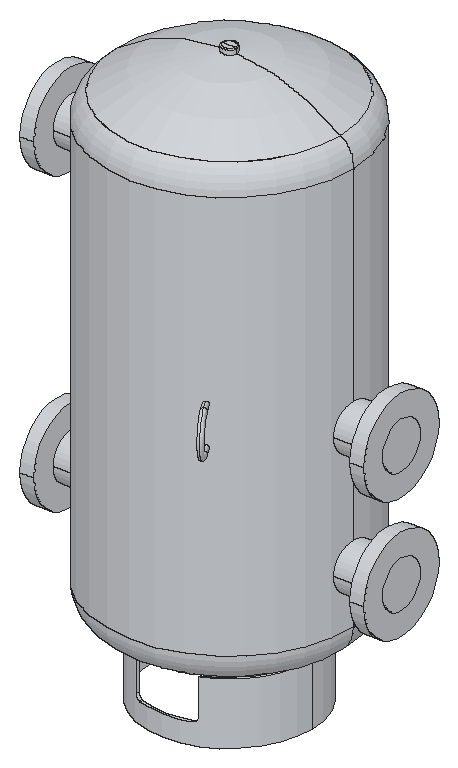
Revit family "HWBT-120-4-4-125 and 150", category Mechanical Equipment, Revit 2014
Parameters (values of type "HWBT120-4-4-125 and 150")
  Tank Weight = "338 lbs @ 125, 372 lbs @ 150"
  Tank Volume = "120"
  Tank Height = "55 3/4\""
  Tank Diameter = "24\""
  Note = "All dimensions and weights are approximate"
  Maximum Acceptance Volume = "N/A"
  Max Operating Temp = "450° F"
  Max Operating Pressure = "125psi, or 150psi (depending on model)"
  Connector Size = "4\""
Reference planes (in)
  plane 1 "Center (Front/Back)": y = 0
  plane 2: z = 0
  plane 3 "Center (Left/Right)": x = 0
Forms (in)
  Extrusion 1, solid
    sketch origin (0, 0, 0) x (1, 0, 0) y (0, 1, 0)
      loop
        circle (0, 0) r 7.75261
      loop
        circle (0, 0) r 8
    from 0 to 6
  Extrusion 2, void
    sketch origin (0, 0, 0) x (1, 0, 0) y (0, 0, 1)
      loop
        line (-3, 6) -> (-3, 2.5)
        arc (-3, 2.5) -> (-2.85355, 2.14645) -> (-2.5, 2) r 0.5
        line (-2.5, 2) -> (2.5, 2)
        arc (2.5, 2) -> (2.85355, 2.14645) -> (3, 2.5) r 0.5
        line (3, 2.5) -> (3, 6.75) -> (-3, 6.75) -> (-3, 6)
    from 0 to 12
  Revolve 3, solid
    sketch origin (0, 0, 0) x (1, 0, 0) y (0, 0, 1)
      loop
        line (0, 56.26304) -> (-0.625, 56.26304)
        arc (-0.625, 56.26304) -> (-0.66919, 56.24473) -> (-0.6875, 56.20054) r 0.0625
        line (-0.6875, 56.20054) -> (-0.6875, 55.75002)
        arc (-0.6875, 55.75002) -> (-6.00045, 54.74293) -> (-10.78124, 52.21592) r 18.158
        arc (-10.78124, 52.21592) -> (-11.67803, 51.15405) -> (-12, 49.80196) r 3
        line (-12, 49.80196) -> (-12, 10.22411)
        arc (-12, 10.22411) -> (-11.67803, 8.87202) -> (-10.78124, 7.81016) r 3
        arc (-10.78124, 7.81016) -> (-6.00045, 5.28314) -> (-0.6875, 4.27606) r 18.158
        line (-0.6875, 4.27606) -> (-0.6875, 3.82554)
        arc (-0.6875, 3.82554) -> (-0.66919, 3.78134) -> (-0.625, 3.76304) r 0.0625
        line (-0.625, 3.76304) -> (0, 3.76304) -> (0, 56.26304)
      axis (0, 56.26304) -> (0, 3.76304)
    angle from 0 to 360
  Sweep 4, solid
    path origin (-3.10312, 4.94253, -16.53947) x (0.511725, -0.85915, 0) y (0, 0, 1)
      loop
        line (17.83546, 48.42089) -> (18.83546, 48.42089)
        arc (18.83546, 48.42089) -> (20.71046, 46.54589) -> (18.83546, 44.67089) r 1.875
        line (18.83546, 44.67089) -> (17.83546, 44.67089)
    profile origin (6.27959, -10.81038, 31.88142) x (0, 0, 1) y (-0.85915, -0.511725, 0)
      loop
        circle (0, 0) r 0.25
  Extrusion 5, solid
    sketch origin (0, 0, 0) x (0, 1, 0) y (0, 0, 1)
      loop
        circle (0, 15.5) r 2.25
      loop
        circle (0, 27.5) r 2.25
    from 0 to 16.5625
  Extrusion 6, solid
    sketch origin (0, 0, 0) x (0, 1, 0) y (0, 0, 1)
      loop
        circle (0, 15.5) r 2.25
      loop
        circle (0, 44.5) r 2.25
    from 0 to -16.5625
  Extrusion 7, solid
    sketch origin (0, 0, 0) x (0, 1, 0) y (0, 0, 1)
      loop
        circle (0, 15.5) r 4.5
      loop
        circle (0, 27.5) r 4.5
    from 15.25 to 16.5625
  Extrusion 8, solid
    sketch origin (0, 0, 0) x (0, 1, 0) y (0, 0, 1)
      loop
        circle (0, 15.5) r 4.5
      loop
        circle (0, 44.5) r 4.5
    from -15.25 to -16.5625
Cuts and joins
  Extrusion 2 cuts Extrusion 1
Dimensions and locks (in)
  aligned and locked: level to plane 2
